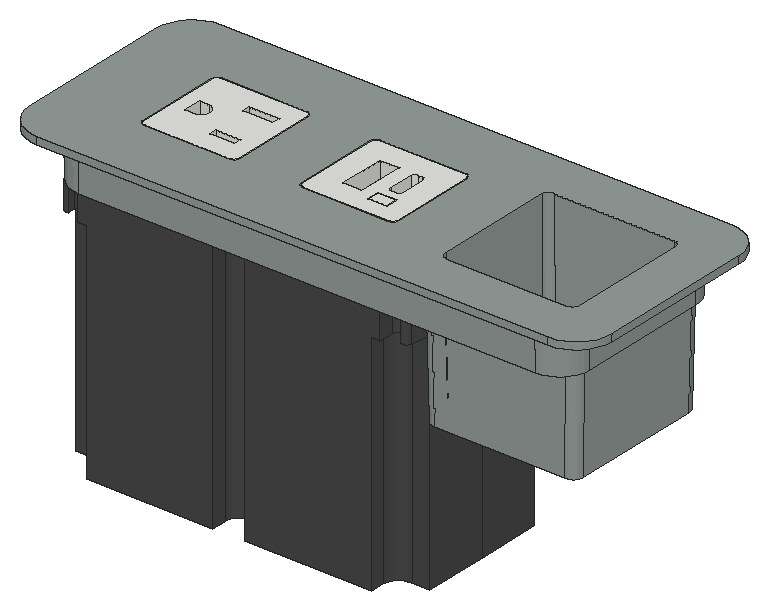
Revit family "Electrical-Teknion-MXPFP_Flush_Power_Module-R2023", category Furniture, Revit 2023 (continued)
Lines and regions (in)
  symbolic lines, style "FurnitureHiddenLines", visible <- "2D - T", detail levels medium+fine
    curve 100: arc (2.89349, 0.74041, 0) -> (2.79331, 0.98226, 0) -> (2.55147, 1.08243, 0) r 0.34202
    curve 101: line (-1.03481, 0.9944, 0) -> (-2.54164, 0.9944, 0)
    curve 102: arc (-2.54164, 0.9944, 0) -> (-2.55736, 0.79927, 0) -> (-2.75309, 0.79569, 0) r 0.1458
    curve 103: arc (-2.75309, 0.79569, 0) -> (-2.7867, 0.80062, 0) -> (-2.80509, 0.77206, 0) r 0.03136
    curve 104: line (-2.80509, 0.77206, 0) -> (-2.80509, -0.77206, 0)
    curve 105: arc (-2.80509, -0.77206, 0) -> (-2.7867, -0.80062, 0) -> (-2.75309, -0.79569, 0) r 0.03136
    curve 106: arc (-2.75309, -0.79569, 0) -> (-2.55736, -0.79927, 0) -> (-2.54164, -0.9944, 0) r 0.1458
    curve 107: line (-2.54164, -0.9944, 0) -> (-1.03481, -0.9944, 0)
    curve 108: arc (-1.03481, -0.9944, 0) -> (-0.88555, -0.73179, 0) -> (-0.73628, -0.9944, 0) r 0.17373
    curve 109: line (-0.73628, -0.9944, 0) -> (0.77001, -0.9944, 0)
    curve 110: arc (0.77001, -0.9944, 0) -> (0.78574, -0.79927, 0) -> (0.98147, -0.79569, 0) r 0.1458
    curve 111: arc (0.98147, -0.79569, 0) -> (1.01508, -0.80062, 0) -> (1.03346, -0.77206, 0) r 0.03136
    curve 112: line (1.03346, -0.77206, 0) -> (1.03346, 0.77206, 0)
    curve 113: arc (1.03346, 0.77206, 0) -> (1.01508, 0.80062, 0) -> (0.98147, 0.79569, 0) r 0.03136
    curve 114: arc (0.98147, 0.79569, 0) -> (0.78574, 0.79927, 0) -> (0.77001, 0.9944, 0) r 0.1458
    curve 115: line (0.77001, 0.9944, 0) -> (-0.73628, 0.9944, 0)
    curve 116: arc (-0.73628, 0.9944, 0) -> (-0.88555, 0.73179, 0) -> (-1.03481, 0.9944, 0) r 0.17373
    curve 117: line (2.71611, 0.8657, 0) -> (1.2209, 0.8657, 0)
    curve 118: arc (1.2209, 0.8657, 0) -> (1.13739, 0.83111, 0) -> (1.10281, 0.74761, 0) r 0.11809
    curve 119: line (1.10281, 0.74761, 0) -> (1.10281, -0.74761, 0)
    curve 120: arc (1.10281, -0.74761, 0) -> (1.13739, -0.83111, 0) -> (1.2209, -0.8657, 0) r 0.11809
    curve 121: line (1.2209, -0.8657, 0) -> (2.71611, -0.8657, 0)
    curve 122: arc (2.71611, -0.8657, 0) -> (2.79961, -0.83111, 0) -> (2.8342, -0.74761, 0) r 0.11809
    curve 123: line (2.8342, -0.74761, 0) -> (2.8342, 0.74761, 0)
    curve 124: arc (2.8342, 0.74761, 0) -> (2.79961, 0.83111, 0) -> (2.71611, 0.8657, 0) r 0.11809
    curve 133: line (2.44072, 0.72054, 0) -> (1.49629, 0.72054, 0)
    curve 134: line (1.54479, 0.64593, 0) -> (2.39221, 0.64593, 0)
    curve 135: line (1.32258, -0.42371, 0) -> (1.32258, 0.42371, 0)
    curve 136: line (1.24796, 0.47221, 0) -> (1.24796, -0.47221, 0)
    curve 137: arc (1.24796, 0.47221, 0) -> (1.50226, 0.46625, 0) -> (1.49629, 0.72054, 0) r 0.17579
    curve 138: arc (2.44072, 0.72054, 0) -> (2.43475, 0.46625, 0) -> (2.68905, 0.47221, 0) r 0.17579
    curve 139: line (2.61443, 0.42371, 0) -> (2.61443, -0.42371, 0)
    curve 140: line (2.68905, -0.47221, 0) -> (2.68905, 0.47221, 0)
    curve 141: line (2.39221, -0.64593, 0) -> (1.54479, -0.64593, 0)
    curve 142: line (1.49629, -0.72054, 0) -> (2.44072, -0.72054, 0)
    curve 143: arc (1.49629, -0.72054, 0) -> (1.50226, -0.46625, 0) -> (1.24796, -0.47221, 0) r 0.17579
    curve 144: arc (2.68905, -0.47221, 0) -> (2.43475, -0.46625, 0) -> (2.44072, -0.72054, 0) r 0.17579
  symbolic lines, style "Furniture", visible <- "2D - T"
    curve 125: line (1.2191, 0.67068, 0) -> (1.2191, -0.67068, 0)
    curve 126: line (1.29783, -0.74941, 0) -> (2.63918, -0.74941, 0)
    curve 127: arc (1.2191, -0.67068, 0) -> (1.24216, -0.72635, 0) -> (1.29783, -0.74941, 0) r 0.07873
    curve 128: line (2.71791, -0.67068, 0) -> (2.71791, 0.67068, 0)
    curve 129: arc (2.63918, -0.74941, 0) -> (2.69485, -0.72635, 0) -> (2.71791, -0.67068, 0) r 0.07873
    curve 130: line (2.63918, 0.74941, 0) -> (1.29783, 0.74941, 0)
    curve 131: arc (2.71791, 0.67068, 0) -> (2.69485, 0.72635, 0) -> (2.63918, 0.74941, 0) r 0.07873
    curve 132: arc (1.29783, 0.74941, 0) -> (1.24216, 0.72635, 0) -> (1.2191, 0.67068, 0) r 0.07873
  symbolic lines, visible <- "2D - T"
    curve 145: line (-2.24545, 0.54271, 0) -> (-1.2978, 0.54271, 0)
    curve 146: arc (-1.2978, 0.54271, 0) -> (-1.24909, 0.52254, 0) -> (-1.22891, 0.47383, 0) r 0.06889
    curve 147: line (-1.22891, 0.47383, 0) -> (-1.22891, -0.47383, 0)
    curve 148: arc (-1.22891, -0.47383, 0) -> (-1.24909, -0.52254, 0) -> (-1.2978, -0.54271, 0) r 0.06889
    curve 149: line (-1.2978, -0.54271, 0) -> (-2.24545, -0.54271, 0)
    curve 150: arc (-2.24545, -0.54271, 0) -> (-2.29416, -0.52254, 0) -> (-2.31434, -0.47383, 0) r 0.06889
    curve 151: line (-2.31434, -0.47383, 0) -> (-2.31434, 0.47383, 0)
    curve 152: arc (-2.31434, 0.47383, 0) -> (-2.29416, 0.52254, 0) -> (-2.24545, 0.54271, 0) r 0.06889
    curve 153: line (-0.47383, 0.54271, 0) -> (0.47383, 0.54271, 0)
    curve 154: arc (0.47383, 0.54271, 0) -> (0.52254, 0.52254, 0) -> (0.54271, 0.47383, 0) r 0.06889
    curve 155: line (0.54271, 0.47383, 0) -> (0.54271, -0.47383, 0)
    curve 156: arc (0.54271, -0.47383, 0) -> (0.52254, -0.52254, 0) -> (0.47383, -0.54271, 0) r 0.06889
    curve 157: line (0.47383, -0.54271, 0) -> (-0.47383, -0.54271, 0)
    curve 158: arc (-0.47383, -0.54271, 0) -> (-0.52254, -0.52254, 0) -> (-0.54271, -0.47383, 0) r 0.06889
    curve 159: line (-0.54271, -0.47383, 0) -> (-0.54271, 0.47383, 0)
    curve 160: arc (-0.54271, 0.47383, 0) -> (-0.52254, 0.52254, 0) -> (-0.47383, 0.54271, 0) r 0.06889
    curve 161: line (2.61444, 0.72467, 0) -> (1.32257, 0.72467, 0)
    curve 162: arc (1.32257, 0.72467, 0) -> (1.2669, 0.70161, 0) -> (1.24384, 0.64594, 0) r 0.07873
    curve 163: line (1.24384, 0.64594, 0) -> (1.24384, -0.64594, 0)
    curve 164: arc (1.24384, -0.64594, 0) -> (1.2669, -0.70161, 0) -> (1.32257, -0.72467, 0) r 0.07873
    curve 165: line (1.32257, -0.72467, 0) -> (2.61444, -0.72467, 0)
    curve 166: arc (2.61444, -0.72467, 0) -> (2.67011, -0.70161, 0) -> (2.69317, -0.64594, 0) r 0.07873
    curve 167: line (2.69317, -0.64594, 0) -> (2.69317, 0.64594, 0)
    curve 168: arc (2.69317, 0.64594, 0) -> (2.67011, 0.70161, 0) -> (2.61444, 0.72467, 0) r 0.07873
  symbolic lines, style "FurnitureHiddenLines", visible <- "Body 3 - 3R", detail levels medium+fine
    curve 169: line (2.57222, -1.06299, 0) -> (2.57499, -0.90407, 0)
    curve 170: arc (2.57499, -0.90407, 0) -> (2.65748, -0.82158, 0) -> (2.73997, -0.90407, 0) r 0.08249
    curve 171: line (2.73997, -0.90407, 0) -> (2.74128, -0.97947, 0)
    curve 172: arc (2.74128, -0.97947, 0) -> (2.79245, -0.97731, 0) -> (2.82271, -0.93599, 0) r 0.05908
    curve 173: line (2.82271, -0.93599, 0) -> (2.8613, -0.72835, 0)
    curve 174: line (2.8613, -0.72835, 0) -> (2.87402, 0, 0)
    curve 175: line (2.87402, 0, 0) -> (2.8613, 0.72835, 0)
    curve 176: line (2.8613, 0.72835, 0) -> (2.82271, 0.93599, 0)
    curve 177: arc (2.82271, 0.93599, 0) -> (2.79245, 0.97731, 0) -> (2.74128, 0.97947, 0) r 0.05908
    curve 178: line (2.74128, 0.97947, 0) -> (2.73997, 0.90407, 0)
    curve 179: arc (2.73997, 0.90407, 0) -> (2.65748, 0.82158, 0) -> (2.57499, 0.90407, 0) r 0.08249
    curve 180: line (2.57499, 0.90407, 0) -> (2.57222, 1.06299, 0)
    curve 181: line (2.57222, 1.06299, 0) -> (1.06577, 1.06299, 0)
    curve 182: line (1.06577, 1.06299, 0) -> (1.06297, 0.90242, 0)
    curve 183: arc (1.06297, 0.90242, 0) -> (0.88892, 0.72531, 0) -> (0.7088, 0.89624, 0) r 0.17714
    curve 184: line (0.7088, 0.89624, 0) -> (0.70589, 1.06299, 0)
    curve 185: line (0.70589, 1.06299, 0) -> (-0.70584, 1.06299, 0)
    curve 186: line (-0.70584, 1.06299, 0) -> (-0.70869, 0.90242, 0)
    curve 187: arc (-0.70869, 0.90242, 0) -> (-0.88583, 0.72528, 0) -> (-1.06297, 0.90242, 0) r 0.17714
    curve 188: line (-1.06297, 0.90242, 0) -> (-1.06572, 1.06299, 0)
    curve 189: line (-1.06572, 1.06299, 0) -> (-2.57222, 1.06299, 0)
    curve 190: line (-2.57222, 1.06299, 0) -> (-2.57499, 0.90407, 0)
    curve 191: arc (-2.57499, 0.90407, 0) -> (-2.65748, 0.82158, 0) -> (-2.73997, 0.90407, 0) r 0.08249
    curve 192: line (-2.73997, 0.90407, 0) -> (-2.74128, 0.97947, 0)
    curve 193: arc (-2.74128, 0.97947, 0) -> (-2.79245, 0.97731, 0) -> (-2.82271, 0.93599, 0) r 0.05908
    curve 194: line (-2.82271, 0.93599, 0) -> (-2.8613, 0.72835, 0)
    curve 195: line (-2.8613, 0.72835, 0) -> (-2.87402, 0, 0)
    curve 196: line (-2.87402, 0, 0) -> (-2.8613, -0.72835, 0)
    curve 197: line (-2.8613, -0.72835, 0) -> (-2.82271, -0.93599, 0)
    curve 198: arc (-2.82271, -0.93599, 0) -> (-2.79245, -0.97731, 0) -> (-2.74128, -0.97947, 0) r 0.05908
    curve 199: line (-2.74128, -0.97947, 0) -> (-2.73997, -0.90407, 0)
    curve 200: arc (-2.73997, -0.90407, 0) -> (-2.65748, -0.82158, 0) -> (-2.57499, -0.90407, 0) r 0.08249
    curve 201: line (-2.57499, -0.90407, 0) -> (-2.57222, -1.06299, 0)
    curve 202: line (-2.57222, -1.06299, 0) -> (-1.06572, -1.06299, 0)
    curve 203: line (-1.06572, -1.06299, 0) -> (-1.06297, -0.90242, 0)
    curve 204: arc (-1.06297, -0.90242, 0) -> (-0.88583, -0.72528, 0) -> (-0.70869, -0.90242, 0) r 0.17714
    curve 205: line (-0.70869, -0.90242, 0) -> (-0.70584, -1.06299, 0)
    curve 206: line (-0.70584, -1.06299, 0) -> (0.70589, -1.06299, 0)
    curve 207: line (0.70589, -1.06299, 0) -> (0.7088, -0.89624, 0)
    curve 208: arc (0.7088, -0.89624, 0) -> (0.88892, -0.72531, 0) -> (1.06297, -0.90242, 0) r 0.17714
    curve 209: line (1.06297, -0.90242, 0) -> (1.06577, -1.06299, 0)
    curve 210: line (1.06577, -1.06299, 0) -> (2.57222, -1.06299, 0)
    curve 211: line (1.06405, 0.96457, 0) -> (2.47926, 0.96457, 0)
    curve 212: line (2.47926, 0.96457, 0) -> (2.48029, 0.90554, 0)
    curve 213: arc (2.48029, 0.90554, 0) -> (2.53219, 0.78025, 0) -> (2.65748, 0.72835, 0) r 0.17719
    curve 214: line (2.65748, 0.72835, 0) -> (2.76288, 0.72835, 0)
    curve 215: line (2.76288, 0.72835, 0) -> (2.77559, 0, 0)
    curve 216: line (2.77559, 0, 0) -> (2.76288, -0.72835, 0)
    curve 217: line (2.76288, -0.72835, 0) -> (2.65748, -0.72835, 0)
    curve 218: arc (2.65748, -0.72835, 0) -> (2.53219, -0.78025, 0) -> (2.48029, -0.90554, 0) r 0.17719
    curve 219: line (2.48029, -0.90554, 0) -> (2.47926, -0.96457, 0)
    curve 220: line (2.47926, -0.96457, 0) -> (1.06405, -0.96457, 0)
    curve 221: line (0.70788, 0.96457, 0) -> (-0.70739, 0.96457, 0)
    curve 222: line (0.70788, -0.96457, 0) -> (-0.70739, -0.96457, 0)
    curve 223: line (-1.06383, 0.96456, 0) -> (-2.47898, 0.96456, 0)
    curve 224: line (-2.47898, 0.96456, 0) -> (-2.48001, 0.90554, 0)
    curve 225: arc (-2.48001, 0.90554, 0) -> (-2.53191, 0.78025, 0) -> (-2.6572, 0.72835, 0) r 0.17719
    curve 226: line (-2.6572, 0.72835, 0) -> (-2.7626, 0.72835, 0)
    curve 227: line (-2.7626, 0.72835, 0) -> (-2.77531, 0, 0)
    curve 228: line (-2.77531, 0, 0) -> (-2.7626, -0.72835, 0)
    curve 229: line (-2.7626, -0.72835, 0) -> (-2.6572, -0.72835, 0)
    curve 230: arc (-2.6572, -0.72835, 0) -> (-2.53191, -0.78025, 0) -> (-2.48001, -0.90554, 0) r 0.17719
    curve 231: line (-2.48001, -0.90554, 0) -> (-2.47898, -0.96456, 0)
    curve 232: line (-2.47898, -0.96456, 0) -> (-1.06383, -0.96456, 0)
  symbolic lines, style "FurnitureHiddenLines", visible <- "Body 2 - C & 2R", detail levels medium+fine
    curve 233: line (-0.17822, -0.96457, 0) -> (-1.59343, -0.96457, 0)
    curve 234: line (-1.59343, -0.96457, 0) -> (-1.59446, -0.90554, 0)
    curve 235: arc (-1.59446, -0.90554, 0) -> (-1.64636, -0.78025, 0) -> (-1.77165, -0.72835, 0) r 0.17719
    curve 236: line (-1.77165, -0.72835, 0) -> (-1.87705, -0.72835, 0)
    curve 237: line (-1.87705, -0.72835, 0) -> (-1.88976, 0, 0)
    curve 238: line (-1.88976, 0, 0) -> (-1.87705, 0.72835, 0)
    curve 239: line (-1.87705, 0.72835, 0) -> (-1.77165, 0.72835, 0)
    curve 240: arc (-1.77165, 0.72835, 0) -> (-1.64636, 0.78025, 0) -> (-1.59446, 0.90554, 0) r 0.17719
    curve 241: line (-1.59446, 0.90554, 0) -> (-1.59343, 0.96457, 0)
    curve 242: line (-1.59343, 0.96457, 0) -> (-0.17822, 0.96457, 0)
    curve 243: line (0.17822, -0.96457, 0) -> (1.59343, -0.96457, 0)
    curve 244: line (1.59343, -0.96457, 0) -> (1.59446, -0.90554, 0)
    curve 245: arc (1.59446, -0.90554, 0) -> (1.64636, -0.78025, 0) -> (1.77165, -0.72835, 0) r 0.17719
    curve 246: line (1.77165, -0.72835, 0) -> (1.87705, -0.72835, 0)
    curve 247: line (1.87705, -0.72835, 0) -> (1.88976, 0, 0)
    curve 248: line (1.88976, 0, 0) -> (1.87705, 0.72835, 0)
    curve 249: line (1.87705, 0.72835, 0) -> (1.77165, 0.72835, 0)
    curve 250: arc (1.77165, 0.72835, 0) -> (1.64636, 0.78025, 0) -> (1.59446, 0.90554, 0) r 0.17719
    curve 251: line (1.59446, 0.90554, 0) -> (1.59343, 0.96457, 0)
    curve 252: line (1.59343, 0.96457, 0) -> (0.17822, 0.96457, 0)
    curve 253: arc (1.68917, 0.90407, 0) -> (1.77165, 0.82158, 0) -> (1.85414, 0.90407, 0) r 0.08249
    curve 254: line (1.85414, 0.90407, 0) -> (1.85546, 0.97947, 0)
    curve 255: arc (1.85546, 0.97947, 0) -> (1.90662, 0.97731, 0) -> (1.93688, 0.93599, 0) r 0.05908
    curve 256: line (1.93688, 0.93599, 0) -> (1.97548, 0.72835, 0)
    curve 257: line (1.97548, 0.72835, 0) -> (1.98819, 0, 0)
    curve 258: line (1.98819, 0, 0) -> (1.97548, -0.72835, 0)
    curve 259: line (1.97548, -0.72835, 0) -> (1.93688, -0.93599, 0)
    curve 260: arc (1.93688, -0.93599, 0) -> (1.90662, -0.97731, 0) -> (1.85546, -0.97947, 0) r 0.05908
    curve 261: line (1.85546, -0.97947, 0) -> (1.85414, -0.90407, 0)
    curve 262: arc (1.85414, -0.90407, 0) -> (1.77165, -0.82158, 0) -> (1.68917, -0.90407, 0) r 0.08249
    curve 263: line (1.68917, -0.90407, 0) -> (1.68639, -1.06299, 0)
    curve 264: line (1.68639, -1.06299, 0) -> (0.17994, -1.06299, 0)
    curve 265: line (0.17994, -1.06299, 0) -> (0.17714, -0.90242, 0)
    curve 266: arc (0.17714, -0.90242, 0) -> (0, -0.72528, 0) -> (-0.17714, -0.90242, 0) r 0.17714
    curve 267: line (-0.17714, -0.90242, 0) -> (-0.17994, -1.06299, 0)
    curve 268: line (-0.17994, -1.06299, 0) -> (-1.68639, -1.06299, 0)
    curve 269: line (-1.68639, -1.06299, 0) -> (-1.68917, -0.90407, 0)
    curve 270: arc (-1.68917, -0.90407, 0) -> (-1.77165, -0.82158, 0) -> (-1.85414, -0.90407, 0) r 0.08249
    curve 271: line (-1.85414, -0.90407, 0) -> (-1.85546, -0.97947, 0)
    curve 272: arc (-1.85546, -0.97947, 0) -> (-1.90662, -0.97731, 0) -> (-1.93688, -0.93599, 0) r 0.05908
    curve 273: line (-1.93688, -0.93599, 0) -> (-1.97548, -0.72835, 0)
    curve 274: line (-1.97548, -0.72835, 0) -> (-1.98819, 0, 0)
    curve 275: line (-1.98819, 0, 0) -> (-1.97548, 0.72835, 0)
    curve 276: line (-1.97548, 0.72835, 0) -> (-1.93688, 0.93599, 0)
    curve 277: arc (-1.93688, 0.93599, 0) -> (-1.90662, 0.97731, 0) -> (-1.85546, 0.97947, 0) r 0.05908
    curve 278: line (-1.85546, 0.97947, 0) -> (-1.85414, 0.90407, 0)
    curve 279: arc (-1.85414, 0.90407, 0) -> (-1.77165, 0.82158, 0) -> (-1.68917, 0.90407, 0) r 0.08249
    curve 280: line (-1.68917, 0.90407, 0) -> (-1.68639, 1.06299, 0)
    curve 281: line (-1.68639, 1.06299, 0) -> (-0.17994, 1.06299, 0)
    curve 282: line (-0.17994, 1.06299, 0) -> (-0.17714, 0.90242, 0)
    curve 283: arc (-0.17714, 0.90242, 0) -> (0, 0.72528, 0) -> (0.17714, 0.90242, 0) r 0.17714
    curve 284: line (0.17714, 0.90242, 0) -> (0.17994, 1.06299, 0)
    curve 285: line (0.17994, 1.06299, 0) -> (1.68639, 1.06299, 0)
    curve 286: line (1.68639, 1.06299, 0) -> (1.68917, 0.90407, 0)
  symbolic lines, style "FurnitureHiddenLines", visible <- "Body 2 - T", detail levels medium+fine
    curve 287: line (-1.06383, -0.96456, 0) -> (-2.47898, -0.96456, 0)
    curve 288: line (-2.47898, -0.96456, 0) -> (-2.48001, -0.90554, 0)
    curve 289: arc (-2.48001, -0.90554, 0) -> (-2.53191, -0.78025, 0) -> (-2.6572, -0.72835, 0) r 0.17719
    curve 290: line (-2.6572, -0.72835, 0) -> (-2.7626, -0.72835, 0)
    curve 291: line (-2.7626, -0.72835, 0) -> (-2.77531, 0, 0)
    curve 292: line (-2.77531, 0, 0) -> (-2.7626, 0.72835, 0)
    curve 293: line (-2.7626, 0.72835, 0) -> (-2.6572, 0.72835, 0)
    curve 294: arc (-2.6572, 0.72835, 0) -> (-2.53191, 0.78025, 0) -> (-2.48001, 0.90554, 0) r 0.17719
    curve 295: line (-2.48001, 0.90554, 0) -> (-2.47898, 0.96456, 0)
    curve 296: line (-2.47898, 0.96456, 0) -> (-1.06383, 0.96456, 0)
    curve 297: line (-0.70739, -0.96457, 0) -> (0.70788, -0.96457, 0)
    curve 298: line (0.70788, -0.96457, 0) -> (0.70891, -0.90554, 0)
    curve 299: arc (0.70891, -0.90554, 0) -> (0.76081, -0.78025, 0) -> (0.8861, -0.72835, 0) r 0.17719
    curve 300: line (0.8861, -0.72835, 0) -> (0.9915, -0.72835, 0)
    curve 301: line (0.9915, -0.72835, 0) -> (1.00421, 0, 0)
    curve 302: line (1.00421, 0, 0) -> (0.9915, 0.72835, 0)
    curve 303: line (0.9915, 0.72835, 0) -> (0.8861, 0.72835, 0)
    curve 304: arc (0.8861, 0.72835, 0) -> (0.76081, 0.78025, 0) -> (0.70891, 0.90554, 0) r 0.17719
    curve 305: line (0.70891, 0.90554, 0) -> (0.70788, 0.96457, 0)
    curve 306: line (0.70788, 0.96457, 0) -> (-0.70739, 0.96457, 0)
    curve 307: line (-0.70584, 1.06299, 0) -> (0.80084, 1.06299, 0)
    curve 308: line (0.80084, 1.06299, 0) -> (0.80362, 0.90407, 0)
    curve 309: arc (0.80362, 0.90407, 0) -> (0.8861, 0.82158, 0) -> (0.96859, 0.90407, 0) r 0.08249
    curve 310: line (0.96859, 0.90407, 0) -> (0.96991, 0.97947, 0)
    curve 311: arc (0.96991, 0.97947, 0) -> (1.02108, 0.97731, 0) -> (1.05133, 0.93599, 0) r 0.05908
    curve 312: line (1.05133, 0.93599, 0) -> (1.08993, 0.72835, 0)
    curve 313: line (1.08993, 0.72835, 0) -> (1.10264, 0, 0)
    curve 314: line (1.10264, 0, 0) -> (1.08993, -0.72835, 0)
    curve 315: line (1.08993, -0.72835, 0) -> (1.05133, -0.93599, 0)
    curve 316: arc (1.05133, -0.93599, 0) -> (1.02108, -0.97731, 0) -> (0.96991, -0.97947, 0) r 0.05908
    curve 317: line (0.96991, -0.97947, 0) -> (0.96859, -0.90407, 0)
    curve 318: arc (0.96859, -0.90407, 0) -> (0.8861, -0.82158, 0) -> (0.80362, -0.90407, 0) r 0.08249
    curve 319: line (0.80362, -0.90407, 0) -> (0.80084, -1.06299, 0)
    curve 320: line (0.80084, -1.06299, 0) -> (-0.70584, -1.06299, 0)
    curve 321: line (-0.70584, -1.06299, 0) -> (-0.70836, -0.90242, 0)
    curve 322: arc (-0.70836, -0.90242, 0) -> (-0.8855, -0.72528, 0) -> (-1.06264, -0.90242, 0) r 0.17714
    curve 323: line (-1.06264, -0.90242, 0) -> (-1.06572, -1.06299, 0)
    curve 324: line (-1.06572, -1.06299, 0) -> (-2.57222, -1.06299, 0)
    curve 325: line (-2.57222, -1.06299, 0) -> (-2.57471, -0.90407, 0)
    curve 326: arc (-2.57471, -0.90407, 0) -> (-2.6572, -0.82158, 0) -> (-2.73969, -0.90407, 0) r 0.08249
    curve 327: line (-2.73969, -0.90407, 0) -> (-2.74101, -0.97947, 0)
    curve 328: arc (-2.74101, -0.97947, 0) -> (-2.79217, -0.97731, 0) -> (-2.82243, -0.93599, 0) r 0.05908
    curve 329: line (-2.82243, -0.93599, 0) -> (-2.86102, -0.72835, 0)
    curve 330: line (-2.86102, -0.72835, 0) -> (-2.87374, 0, 0)
    curve 331: line (-2.87374, 0, 0) -> (-2.86102, 0.72835, 0)
    curve 332: line (-2.86102, 0.72835, 0) -> (-2.82243, 0.93599, 0)
    curve 333: arc (-2.82243, 0.93599, 0) -> (-2.79217, 0.97731, 0) -> (-2.74101, 0.97947, 0) r 0.05908
    curve 334: line (-2.74101, 0.97947, 0) -> (-2.73969, 0.90407, 0)
    curve 335: arc (-2.73969, 0.90407, 0) -> (-2.6572, 0.82158, 0) -> (-2.57471, 0.90407, 0) r 0.08249
    curve 336: line (-2.57471, 0.90407, 0) -> (-2.57222, 1.06299, 0)
    curve 337: line (-2.57222, 1.06299, 0) -> (-1.06572, 1.06299, 0)
    curve 338: line (-1.06572, 1.06299, 0) -> (-1.06264, 0.90242, 0)
    curve 339: arc (-1.06264, 0.90242, 0) -> (-0.8855, 0.72528, 0) -> (-0.70836, 0.90242, 0) r 0.17714
    curve 340: line (-0.70836, 0.90242, 0) -> (-0.70584, 1.06299, 0)
  reference lines
    curve 341: line (-3.248, 1.2795, 0) -> (-3.248, -1.2795, 0)
    curve 342: line (3.248, 1.2795, 0) -> (3.248, -1.2795, 0)
    curve 343: line (-3.248, 1.2795, 0) -> (3.248, 1.2795, 0)
    curve 344: line (-3.248, -1.2795, 0) -> (3.248, -1.2795, 0)
Dimensions and locks (in)
  locked: plane 4 "Left" to plane 5 "Right" at 4.724
  locked: plane 6 "Back" to plane 7 "Front" at 4.724
  locked: plane 8 "Top" to level at 29.07874
  plane 8 "Top" to plane 9 to plane 10 = 0.07874" locked, 3.30709" locked
  equal spacing: plane 6 "Back", plane 1 "Center Front/Back", plane 7 "Front"
  equal spacing: plane 4 "Left", plane 3 "Center Left/Right", plane 5 "Right"
  SweptBlend 10 sketch curve to plane 3 "Center Left/Right" to SweptBlend 10 sketch curve = 2.89342" locked, 2.89349" locked
  SweptBlend 10 sketch curve to plane 1 "Center Front/Back" to SweptBlend 10 sketch curve = 1.08243" locked, 1.08243" locked
  SweptBlend 10 sketch curve to plane 1 "Center Front/Back" to SweptBlend 10 sketch curve = 1.07443" locked, 1.07443" locked
  SweptBlend 10 sketch curve to plane 3 "Center Left/Right" to SweptBlend 10 sketch curve = 2.88542" locked, 2.88549" locked
  locked: SweptBlend 8 sketch curve to plane 3 "Center Left/Right" at 0.88555
  locked: plane 3 "Center Left/Right" to SweptBlend 12 sketch curve at 1.9685
  locked: plane 3 "Center Left/Right" to SweptBlend 14 sketch curve at 1.9685
  locked: plane 3 "Center Left/Right" to SweptBlend 13 sketch curve at 1.9685
  SweptBlend 15 sketch curve to plane 3 "Center Left/Right" = 0.88555"
  locked: plane 3 "Center Left/Right" to Sweep 16 sketch curve at 1.98819
  locked: plane 3 "Center Left/Right" to Sweep 17 sketch curve at 1.97548
  equal spacing: plane 11, plane 3 "Center Left/Right", plane 12
  equal spacing: plane 14, plane 1 "Center Front/Back", plane 13
  "Width": plane 11 to plane 12
  "Depth": plane 13 to plane 14
  aligned and locked: level to plane 2
  aligned and locked: Sweep 1 sketch curve to plane 3 "Center Left/Right"
  aligned and locked: plane 9 to Sweep 1 sketch curve
  aligned and locked: plane 8 "Top" to Sweep 1 sketch curve
  aligned and locked: plane 1 "Center Front/Back" to Sweep 1 sketch curve
  aligned and locked: plane 3 "Center Left/Right" to Sweep 1 sketch curve
  aligned and locked: SweptBlend 2 sketch curve to plane 3 "Center Left/Right"
  aligned and locked: plane 9 to SweptBlend 2 sketch curve
  aligned and locked: plane 9 to SweptBlend 3 sketch curve
  aligned and locked: SweptBlend 3 sketch curve to plane 3 "Center Left/Right"
  aligned and locked: Sweep 6 sketch curve to plane 3 "Center Left/Right"
  aligned and locked: plane 8 "Top" to Sweep 6 sketch curve
  aligned and locked: plane 9 to Sweep 6 sketch curve
  aligned and locked: Sweep 9 sketch curve to plane 3 "Center Left/Right"
  aligned and locked: plane 8 "Top" to Sweep 9 sketch curve
  aligned and locked: plane 9 to Sweep 9 sketch curve
  aligned and locked: Sweep 11 sketch curve to plane 3 "Center Left/Right"
  aligned and locked: plane 9 to Sweep 11 sketch curve
  aligned and locked: plane 8 "Top" to Sweep 11 sketch curve
  aligned and locked: plane 3 "Center Left/Right" to nested 1
  aligned and locked: plane 1 "Center Front/Back" to nested 1
  aligned and locked: plane 3 "Center Left/Right" to nested 2
  aligned and locked: plane 1 "Center Front/Back" to nested 5
  aligned and locked: plane 1 "Center Front/Back" to nested 3
  aligned and locked: plane 1 "Center Front/Back" to nested 4
  aligned and locked: plane 1 "Center Front/Back" to nested 7
  aligned and locked: plane 1 "Center Front/Back" to nested 8
  aligned and locked: plane 1 "Center Front/Back" to nested 9
  aligned and locked: plane 1 "Center Front/Back" to nested 10
  aligned and locked: plane 1 "Center Front/Back" to nested 11
  aligned and locked: plane 1 "Center Front/Back" to nested 12
  aligned and locked: plane 1 "Center Front/Back" to nested 13
  aligned and locked: plane 1 "Center Front/Back" to nested 14
  aligned and locked: Masking region 1 sketch curve to cut or joined group of Sweep 1, SweptBlend 2, SweptBlend 3  (x2)
  aligned and locked: SweptBlend 7 sketch curve to plane 3 "Center Left/Right"
  aligned and locked: Masking region 2 sketch curve to cut or joined group of SweptBlend 10, Sweep 11, SweptBlend 12, SweptBlend 13, SweptBlend 14, SweptBlend 15  (x4)
  aligned and locked: Masking region 3 sketch curve to cut or joined group of SweptBlend 7, SweptBlend 8, Sweep 9  (x4)
  aligned and locked: Masking region 4 sketch curve to cut or joined group of SweptBlend 4, SweptBlend 5, Sweep 6  (x4)
  aligned and locked: SweptBlend 18 sketch curve to nested 2
  aligned and locked: SweptBlend 10 sketch curve to plane 3 "Center Left/Right"
  aligned and locked: SweptBlend 5 sketch curve to plane 3 "Center Left/Right"
  aligned and locked: SweptBlend 4 sketch curve to plane 3 "Center Left/Right"
  aligned and locked: curve 341 to plane 11
  aligned and locked: plane 12 to curve 342
  aligned and locked: curve 343 to plane 13
  aligned and locked: plane 14 to curve 344
  aligned and locked: plane 1 "Center Front/Back" to nested 15
  aligned and locked: plane 3 "Center Left/Right" to nested 15
Automatic sketch dimensions
  plane 1 "Center Front/Back" to Sweep 1 sketch curve = 0.000"
  Sweep 1 sketch curve to plane 1 "Center Front/Back" = 0.000"
  Sweep 1 sketch curve to plane 1 "Center Front/Back" = 0.47383"  (x4)
  Sweep 1 sketch curve to Sweep 1 sketch curve = 0.06889"  (x4)
  plane 1 "Center Front/Back" to Sweep 1 sketch curve = 0.47383"  (x4)
  Sweep 1 sketch curve to Sweep 1 sketch curve = 0.000"  (x2)
  profile plane to Sweep 1 sketch curve = 0.34311"
  Sweep 1 sketch curve to Sweep 1 sketch curve = 0.94765"  (x2)
  Sweep 1 sketch curve to profile plane = 0.34311"
  Sweep 1 sketch curve to Sweep 1 sketch curve = 0.93366"
  SweptBlend 2 sketch curve to SweptBlend 2 sketch curve = 0.47244"
  SweptBlend 2 sketch curve to plane 1 "Center Front/Back" = 1.08243"
  SweptBlend 2 sketch curve to SweptBlend 2 sketch curve = 0.34202"  (x3)
  plane 1 "Center Front/Back" to SweptBlend 2 sketch curve = 0.74041"  (x4)
  profile plane to SweptBlend 2 sketch curve = 2.00763"
  SweptBlend 2 sketch curve to profile plane = 1.66561"  (x2)
  SweptBlend 2 sketch curve to plane 1 "Center Front/Back" = 1.07443"
  SweptBlend 2 sketch curve to SweptBlend 2 sketch curve = 0.33402"  (x3)
  profile plane to SweptBlend 2 sketch curve = 1.99963"
  SweptBlend 3 sketch curve to plane 9 = 0.47244"
  SweptBlend 3 sketch curve to profile plane = 0.000"  (x4)
  profile plane to SweptBlend 3 sketch curve = 0.1345"  (x2)
  SweptBlend 3 sketch curve to plane 1 "Center Front/Back" = 1.00234"  (x2)
  SweptBlend 3 sketch curve to SweptBlend 3 sketch curve = 0.09683"  (x5)
  SweptBlend 3 sketch curve to SweptBlend 3 sketch curve = 0.13345"  (x8)
  plane 1 "Center Front/Back" to SweptBlend 3 sketch curve = 0.77206"  (x4)
  plane 1 "Center Front/Back" to SweptBlend 3 sketch curve = 0.90551"  (x2)
  SweptBlend 3 sketch curve to SweptBlend 3 sketch curve = 1.53912"  (x4)
  SweptBlend 3 sketch curve to SweptBlend 3 sketch curve = 0.09804"  (x4)
  SweptBlend 3 sketch curve to SweptBlend 3 sketch curve = 0.11652"  (x8)
  SweptBlend 3 sketch curve to SweptBlend 3 sketch curve = 0.03936"  (x2)
  profile plane to SweptBlend 3 sketch curve = 0.14927"  (x2)
  SweptBlend 3 sketch curve to plane 1 "Center Front/Back" = 0.9944"  (x2)
  SweptBlend 3 sketch curve to SweptBlend 3 sketch curve = 0.08889"  (x5)
  SweptBlend 3 sketch curve to SweptBlend 3 sketch curve = 1.50682"  (x4)
  SweptBlend 3 sketch curve to SweptBlend 3 sketch curve = 0.11557"  (x4)
  SweptBlend 3 sketch curve to SweptBlend 3 sketch curve = 0.03136"  (x2)
  SweptBlend 4 sketch curve to plane 9 = 0.000"
  SweptBlend 4 sketch curve to SweptBlend 4 sketch curve = 0.47244"
  SweptBlend 4 sketch curve to plane 1 "Center Front/Back" = 1.08243"
  SweptBlend 4 sketch curve to SweptBlend 4 sketch curve = 0.34202"  (x3)
  plane 1 "Center Front/Back" to SweptBlend 4 sketch curve = 0.74041"  (x4)
  profile plane to SweptBlend 4 sketch curve = 2.00763"
  SweptBlend 4 sketch curve to profile plane = 1.66561"  (x2)
  SweptBlend 4 sketch curve to plane 1 "Center Front/Back" = 1.07443"
  SweptBlend 4 sketch curve to SweptBlend 4 sketch curve = 0.33402"  (x3)
  profile plane to SweptBlend 4 sketch curve = 1.99963"
  SweptBlend 5 sketch curve to plane 9 = 0.000"
  SweptBlend 5 sketch curve to plane 9 = 0.47244"
  SweptBlend 5 sketch curve to profile plane = 0.000"  (x4)
  profile plane to SweptBlend 5 sketch curve = 0.1345"  (x2)
  SweptBlend 5 sketch curve to plane 1 "Center Front/Back" = 1.00234"  (x2)
  SweptBlend 5 sketch curve to SweptBlend 5 sketch curve = 0.09683"  (x5)
  SweptBlend 5 sketch curve to SweptBlend 5 sketch curve = 0.13345"  (x8)
  plane 1 "Center Front/Back" to SweptBlend 5 sketch curve = 0.77206"  (x4)
  plane 1 "Center Front/Back" to SweptBlend 5 sketch curve = 0.90551"  (x2)
  SweptBlend 5 sketch curve to SweptBlend 5 sketch curve = 1.53912"  (x4)
  SweptBlend 5 sketch curve to SweptBlend 5 sketch curve = 0.09804"  (x4)
  SweptBlend 5 sketch curve to SweptBlend 5 sketch curve = 0.11652"  (x8)
  SweptBlend 5 sketch curve to SweptBlend 5 sketch curve = 0.03936"  (x2)
  profile plane to SweptBlend 5 sketch curve = 0.14927"  (x2)
  SweptBlend 5 sketch curve to plane 1 "Center Front/Back" = 0.9944"  (x2)
  SweptBlend 5 sketch curve to SweptBlend 5 sketch curve = 0.08889"  (x5)
  SweptBlend 5 sketch curve to SweptBlend 5 sketch curve = 1.50682"  (x4)
  SweptBlend 5 sketch curve to SweptBlend 5 sketch curve = 0.11557"  (x4)
  SweptBlend 5 sketch curve to SweptBlend 5 sketch curve = 0.03136"  (x2)
  Sweep 6 sketch curve to plane 1 "Center Front/Back" = 1.27953"
  Sweep 6 sketch curve to Sweep 6 sketch curve = 0.39364"  (x3)
  plane 1 "Center Front/Back" to Sweep 6 sketch curve = 0.88589"  (x2)
  profile plane to Sweep 6 sketch curve = 2.36083"
  Sweep 6 sketch curve to profile plane = 1.96719"
  profile plane to Sweep 6 sketch curve = 0.412"
  Sweep 6 sketch curve to plane 1 "Center Front/Back" = 0.54271"  (x2)
  Sweep 6 sketch curve to Sweep 6 sketch curve = 0.06889"  (x6)
  plane 1 "Center Front/Back" to Sweep 6 sketch curve = 0.47383"  (x4)
  Sweep 6 sketch curve to Sweep 6 sketch curve = 0.53865"
  Sweep 6 sketch curve to profile plane = 0.34311"
  Sweep 6 sketch curve to Sweep 6 sketch curve = 0.60754"
  SweptBlend 7 sketch curve to plane 9 = 0.000"
  SweptBlend 7 sketch curve to plane 9 = 0.47244"
  SweptBlend 7 sketch curve to profile plane = 1.07443"
  SweptBlend 7 sketch curve to SweptBlend 7 sketch curve = 0.33402"  (x3)
  profile plane to SweptBlend 7 sketch curve = 0.74041"  (x4)
  profile plane to SweptBlend 7 sketch curve = 2.88542"
  SweptBlend 7 sketch curve to profile plane = 2.55147"  (x2)
  SweptBlend 8 sketch curve to plane 9 = 0.000"
  SweptBlend 8 sketch curve to plane 9 = 0.47244"
  Sweep 9 sketch curve to plane 1 "Center Front/Back" = 1.27953"
  Sweep 9 sketch curve to Sweep 9 sketch curve = 0.39364"  (x3)
  Sweep 9 sketch curve to plane 1 "Center Front/Back" = 0.54271"  (x3)
  Sweep 9 sketch curve to Sweep 9 sketch curve = 0.06889"  (x9)
  plane 1 "Center Front/Back" to Sweep 9 sketch curve = 0.47383"  (x6)
  Sweep 9 sketch curve to Sweep 9 sketch curve = 0.41206"
  plane 1 "Center Front/Back" to Sweep 9 sketch curve = 0.88589"
  profile plane to Sweep 9 sketch curve = 3.248"
  Sweep 9 sketch curve to Sweep 9 sketch curve = 0.54002"  (x2)
  Sweep 9 sketch curve to Sweep 9 sketch curve = 0.94765"  (x2)
  profile plane to Sweep 9 sketch curve = 0.54271"
  Sweep 9 sketch curve to profile plane = 0.47383"
  Sweep 9 sketch curve to Sweep 9 sketch curve = 0.6862"
  SweptBlend 7 sketch curve to profile plane = 1.08243"
  SweptBlend 7 sketch curve to SweptBlend 7 sketch curve = 0.34202"  (x3)
  profile plane to SweptBlend 7 sketch curve = 2.89342"
  SweptBlend 8 sketch curve to profile plane = 0.000"  (x4)
  profile plane to SweptBlend 8 sketch curve = 0.1345"  (x2)
  SweptBlend 8 sketch curve to profile plane = 1.00234"  (x2)
  SweptBlend 8 sketch curve to SweptBlend 8 sketch curve = 0.000"  (x2)
  SweptBlend 8 sketch curve to SweptBlend 8 sketch curve = 0.09683"  (x7)
  SweptBlend 8 sketch curve to SweptBlend 8 sketch curve = 0.13345"  (x8)
  profile plane to SweptBlend 8 sketch curve = 0.77206"  (x4)
  profile plane to SweptBlend 8 sketch curve = 0.90551"  (x4)
  SweptBlend 8 sketch curve to SweptBlend 8 sketch curve = 1.53912"  (x3)
  profile plane to SweptBlend 8 sketch curve = 1.67361"
  SweptBlend 8 sketch curve to SweptBlend 8 sketch curve = 0.09804"  (x4)
  SweptBlend 8 sketch curve to SweptBlend 8 sketch curve = 0.11652"  (x8)
  SweptBlend 8 sketch curve to SweptBlend 8 sketch curve = 0.03936"  (x2)
  SweptBlend 8 sketch curve to SweptBlend 8 sketch curve = 1.5021"  (x2)
  SweptBlend 8 sketch curve to SweptBlend 8 sketch curve = 0.1345"  (x2)
  profile plane to SweptBlend 8 sketch curve = 0.14927"  (x2)
  SweptBlend 8 sketch curve to profile plane = 0.9944"  (x2)
  SweptBlend 8 sketch curve to SweptBlend 8 sketch curve = 0.08889"  (x7)
  SweptBlend 8 sketch curve to SweptBlend 8 sketch curve = 1.50682"  (x3)
  profile plane to SweptBlend 8 sketch curve = 1.65609"
  SweptBlend 8 sketch curve to SweptBlend 8 sketch curve = 0.11557"  (x4)
  SweptBlend 8 sketch curve to SweptBlend 8 sketch curve = 0.03136"  (x2)
  SweptBlend 8 sketch curve to SweptBlend 8 sketch curve = 1.47257"  (x2)
  SweptBlend 8 sketch curve to SweptBlend 8 sketch curve = 0.14927"  (x2)
  SweptBlend 10 sketch curve to plane 9 = 0.000"
  SweptBlend 10 sketch curve to plane 9 = 0.47244"
  SweptBlend 10 sketch curve to SweptBlend 10 sketch curve = 0.34202"  (x3)
  profile plane to SweptBlend 10 sketch curve = 0.74041"  (x2)
  SweptBlend 10 sketch curve to SweptBlend 10 sketch curve = 0.33402"  (x3)
  Sweep 11 sketch curve to plane 1 "Center Front/Back" = 1.27953"
  Sweep 11 sketch curve to Sweep 11 sketch curve = 0.39364"  (x3)
  plane 1 "Center Front/Back" to Sweep 11 sketch curve = 0.88589"  (x2)
  profile plane to Sweep 11 sketch curve = 3.248"
  Sweep 11 sketch curve to profile plane = 2.85436"
  SweptBlend 12 sketch curve to plane 9 = 1.5748"
  SweptBlend 12 sketch curve to plane 9 = 0.47244"
  SweptBlend 12 sketch curve to plane 1 "Center Front/Back" = 0.8657"
  SweptBlend 12 sketch curve to SweptBlend 12 sketch curve = 0.11809"  (x7)
  plane 1 "Center Front/Back" to SweptBlend 12 sketch curve = 0.74761"
  profile plane to SweptBlend 12 sketch curve = 0.8657"
  SweptBlend 12 sketch curve to profile plane = 0.74761"
  SweptBlend 12 sketch curve to plane 1 "Center Front/Back" = 0.84646"
  plane 1 "Center Front/Back" to SweptBlend 12 sketch curve = 0.72836"  (x2)
  profile plane to SweptBlend 12 sketch curve = 0.84646"
  SweptBlend 12 sketch curve to profile plane = 0.72836"
  SweptBlend 13 sketch curve to plane 8 "Top" = 0.000"
  SweptBlend 13 sketch curve to plane 9 = 1.33858"
  SweptBlend 13 sketch curve to plane 1 "Center Front/Back" = 0.74941"
  SweptBlend 13 sketch curve to SweptBlend 13 sketch curve = 0.07873"  (x6)
  plane 1 "Center Front/Back" to SweptBlend 13 sketch curve = 0.67068"  (x2)
  profile plane to SweptBlend 13 sketch curve = 0.74941"
  SweptBlend 13 sketch curve to profile plane = 0.67068"
  SweptBlend 13 sketch curve to plane 1 "Center Front/Back" = 0.72467"
  plane 1 "Center Front/Back" to SweptBlend 13 sketch curve = 0.64594"  (x2)
  profile plane to SweptBlend 13 sketch curve = 0.72467"
  SweptBlend 13 sketch curve to profile plane = 0.64594"
  Sweep 11 sketch curve to plane 1 "Center Front/Back" = 0.54271"  (x2)
  Sweep 11 sketch curve to Sweep 11 sketch curve = 0.06889"  (x6)
  plane 1 "Center Front/Back" to Sweep 11 sketch curve = 0.47383"  (x4)
  Sweep 11 sketch curve to Sweep 11 sketch curve = 0.54002"
  Sweep 11 sketch curve to Sweep 11 sketch curve = 0.94765"
  profile plane to Sweep 11 sketch curve = 0.54271"
  Sweep 11 sketch curve to profile plane = 0.47383"
  SweptBlend 14 sketch curve to plane 9 = 1.5748"
  SweptBlend 14 sketch curve to SweptBlend 14 sketch curve = 0.23622"
  SweptBlend 14 sketch curve to plane 1 "Center Front/Back" = 0.64593"
  SweptBlend 14 sketch curve to SweptBlend 14 sketch curve = 0.05538"  (x5)
  SweptBlend 14 sketch curve to SweptBlend 14 sketch curve = 0.16684"  (x6)
  plane 1 "Center Front/Back" to SweptBlend 14 sketch curve = 0.42371"
  profile plane to SweptBlend 14 sketch curve = 0.64593"
  SweptBlend 14 sketch curve to profile plane = 0.42371"  (x2)
  SweptBlend 14 sketch curve to plane 1 "Center Front/Back" = 0.72054"
  SweptBlend 14 sketch curve to SweptBlend 14 sketch curve = 0.12999"  (x5)
  SweptBlend 14 sketch curve to SweptBlend 14 sketch curve = 0.11629"  (x5)
  plane 1 "Center Front/Back" to SweptBlend 14 sketch curve = 0.47426"  (x2)
  profile plane to SweptBlend 14 sketch curve = 0.72054"
  SweptBlend 14 sketch curve to profile plane = 0.47426"  (x2)
  SweptBlend 15 sketch curve to plane 9 = 0.000"
  SweptBlend 15 sketch curve to plane 9 = 0.47244"
  SweptBlend 15 sketch curve to profile plane = 0.000"  (x4)
  profile plane to SweptBlend 15 sketch curve = 0.1345"  (x2)
  SweptBlend 15 sketch curve to SweptBlend 15 sketch curve = 0.09683"  (x4)
  SweptBlend 15 sketch curve to SweptBlend 15 sketch curve = 0.13345"  (x8)
  profile plane to SweptBlend 15 sketch curve = 0.77206"  (x2)
  profile plane to SweptBlend 15 sketch curve = 0.90551"  (x2)
  SweptBlend 15 sketch curve to SweptBlend 15 sketch curve = 1.53912"
  profile plane to SweptBlend 15 sketch curve = 1.67361"
  SweptBlend 15 sketch curve to SweptBlend 15 sketch curve = 0.09804"  (x3)
  SweptBlend 15 sketch curve to SweptBlend 15 sketch curve = 0.11652"  (x8)
  SweptBlend 15 sketch curve to SweptBlend 15 sketch curve = 0.03936"  (x2)
  SweptBlend 15 sketch curve to SweptBlend 15 sketch curve = 1.53859"
  profile plane to SweptBlend 15 sketch curve = 0.14927"  (x2)
  SweptBlend 15 sketch curve to SweptBlend 15 sketch curve = 0.08889"  (x4)
  SweptBlend 15 sketch curve to SweptBlend 15 sketch curve = 1.50682"
  profile plane to SweptBlend 15 sketch curve = 1.65609"
  SweptBlend 15 sketch curve to SweptBlend 15 sketch curve = 0.11557"  (x4)
  SweptBlend 15 sketch curve to SweptBlend 15 sketch curve = 0.03136"  (x2)
  SweptBlend 15 sketch curve to SweptBlend 15 sketch curve = 1.5063"
  SweptBlend 15 sketch curve to profile plane = 0.14927"  (x2)
  SweptBlend 15 sketch curve to profile plane = 0.90551"  (x2)
  SweptBlend 15 sketch curve to SweptBlend 15 sketch curve = 0.14788"
  SweptBlend 15 sketch curve to SweptBlend 15 sketch curve = 0.000"  (x3)
  SweptBlend 15 sketch curve to profile plane = 0.1345"  (x2)
  SweptBlend 15 sketch curve to SweptBlend 15 sketch curve = 0.15588"
  Sweep 16 sketch curve to plane 1 "Center Front/Back" = 0.64593"
  Sweep 16 sketch curve to Sweep 16 sketch curve = 0.05538"  (x5)
  Sweep 16 sketch curve to Sweep 16 sketch curve = 0.16684"  (x5)
  plane 1 "Center Front/Back" to Sweep 16 sketch curve = 0.42371"  (x2)
  profile plane to Sweep 16 sketch curve = 0.66561"
  Sweep 16 sketch curve to profile plane = 0.40403"  (x2)
  Sweep 16 sketch curve to plane 9 = 1.55168"
  Sweep 16 sketch curve to Sweep 16 sketch curve = 0.39026"
  Sweep 17 sketch curve to plane 9 = 1.27595"
  Sweep 17 sketch curve to Sweep 17 sketch curve = 0.250"
  Sweep 17 sketch curve to Sweep 17 sketch curve = 0.000"  (x2)
  plane 1 "Center Front/Back" to Sweep 17 sketch curve = 0.000"
  Sweep 17 sketch curve to plane 1 "Center Front/Back" = 0.00437"
  Sweep 17 sketch curve to plane 1 "Center Front/Back" = 0.11728"
  Sweep 17 sketch curve to plane 1 "Center Front/Back" = 0.11812"
  Sweep 17 sketch curve to Sweep 17 sketch curve = 0.01476"
  Sweep 17 sketch curve to Sweep 17 sketch curve = 0.01392"  (x8)
  Sweep 17 sketch curve to Sweep 17 sketch curve = 0.18849"
  Sweep 17 sketch curve to Sweep 17 sketch curve = 0.20241"  (x3)
  Sweep 17 sketch curve to Sweep 17 sketch curve = 0.05529"  (x4)
  Sweep 17 sketch curve to Sweep 17 sketch curve = 0.06921"  (x2)
  plane 1 "Center Front/Back" to Sweep 17 sketch curve = 0.00159"
  plane 1 "Center Front/Back" to Sweep 17 sketch curve = 0.11812"
  plane 1 "Center Front/Back" to Sweep 17 sketch curve = 0.12291"
  Sweep 17 sketch curve to Sweep 17 sketch curve = 0.01107"
  Sweep 17 sketch curve to Sweep 17 sketch curve = 0.19762"
  profile plane to Sweep 17 sketch curve = 0.39672"  (x2)
  profile plane to Sweep 17 sketch curve = 0.13901"
  Sweep 17 sketch curve to Sweep 17 sketch curve = 0.01611"
  profile plane to Sweep 17 sketch curve = 0.0085"
  Sweep 17 sketch curve to Sweep 17 sketch curve = 0.00153"
  profile plane to Sweep 17 sketch curve = 0.00378"
  Sweep 17 sketch curve to profile plane = 0.12203"
  Sweep 17 sketch curve to Sweep 17 sketch curve = 0.19154"
  Sweep 17 sketch curve to Sweep 17 sketch curve = 0.00955"
  plane 1 "Center Front/Back" to Masking region 1 sketch curve = 0.000"  (x2)
  Masking region 2 sketch curve to Masking region 2 sketch curve = 0.000"  (x8)
  Masking region 2 sketch curve to Masking region 2 sketch curve = 0.01392"  (x9)
  Masking region 2 sketch curve to Masking region 2 sketch curve = 0.20241"  (x3)
  Masking region 2 sketch curve to Masking region 2 sketch curve = 0.19154"
  Masking region 2 sketch curve to Masking region 2 sketch curve = 0.06921"  (x2)
  Masking region 2 sketch curve to Masking region 2 sketch curve = 0.05529"  (x2)
  plane 1 "Center Front/Back" to Masking region 2 sketch curve = 0.000"
  plane 1 "Center Front/Back" to Masking region 2 sketch curve = 0.32053"
  Masking region 2 sketch curve to Masking region 2 sketch curve = 1.22031"
  plane 1 "Center Front/Back" to Masking region 2 sketch curve = 0.11812"
  Masking region 2 sketch curve to plane 1 "Center Front/Back" = 0.13204"  (x2)
  plane 1 "Center Front/Back" to Masking region 2 sketch curve = 0.12919"
  Masking region 2 sketch curve to Masking region 2 sketch curve = 0.01611"
  plane 1 "Center Front/Back" to Masking region 2 sketch curve = 0.00159"
  Masking region 2 sketch curve to Masking region 2 sketch curve = 0.1144"
  Masking region 2 sketch curve to Masking region 2 sketch curve = 0.00153"
  Masking region 2 sketch curve to Masking region 2 sketch curve = 0.00319"
  plane 1 "Center Front/Back" to Masking region 2 sketch curve = 0.13246"
  Masking region 2 sketch curve to Masking region 2 sketch curve = 0.12007"
  plane 1 "Center Front/Back" to Masking region 2 sketch curve = 0.12291"
  Masking region 2 sketch curve to Masking region 2 sketch curve = 0.01046"
  Masking region 2 sketch curve to plane 1 "Center Front/Back" = 0.11728"
  Masking region 2 sketch curve to Masking region 2 sketch curve = 0.21154"
  Masking region 2 sketch curve to Masking region 2 sketch curve = 0.18849"
  plane 10 to SweptBlend 18 sketch curve = 1.9685"
  SweptBlend 18 sketch curve to SweptBlend 18 sketch curve = 0.23622"
  SweptBlend 18 sketch curve to plane 1 "Center Front/Back" = 0.72879"
  SweptBlend 18 sketch curve to SweptBlend 18 sketch curve = 0.07907"  (x3)
  plane 1 "Center Front/Back" to SweptBlend 18 sketch curve = 0.64972"  (x2)
  SweptBlend 18 sketch curve to profile plane = 1.23972"
  SweptBlend 18 sketch curve to SweptBlend 18 sketch curve = 1.29943"
  SweptBlend 18 sketch curve to plane 1 "Center Front/Back" = 0.72467"
  SweptBlend 18 sketch curve to SweptBlend 18 sketch curve = 0.07873"  (x3)
  plane 1 "Center Front/Back" to SweptBlend 18 sketch curve = 0.64594"  (x2)
  SweptBlend 18 sketch curve to profile plane = 1.24384"
  SweptBlend 18 sketch curve to SweptBlend 18 sketch curve = 1.29187"
  curve 45 to curve 19 = 0.23782"
  curve 47 to curve 48 = 0.06889"
  curve 4 to curve 45 = 0.06186"
  curve 6 to curve 41 = 0.06186"
  curve 44 to curve 43 = 0.06889"
  curve 19 to curve 45 = 0.1977"
  curve 47 to curve 18 = 0.26658"
  curve 55 to curve 2 = 0.13071"
  curve 53 to curve 2 = 0.06182"
  curve 56 to curve 8 = 0.06182"
  curve 16 to curve 49 = 0.06182"
  curve 14 to curve 53 = 0.06182"
  curve 50 to curve 51 = 0.06889"
  curve 53 to curve 2 = 0.000"
  curve 55 to curve 8 = 0.000"
  curve 64 to curve 10 = 0.06186"
  curve 22 to curve 61 = 0.23782"
  curve 60 to curve 59 = 0.06889"
  curve 61 to curve 12 = 0.000"
  curve 64 to curve 10 = 0.000"
  curve 68 to curve 46 = 0.23707"
  curve 68 to curve 76 = 0.08834"
  curve 76 to curve 75 = 0.03136"
  curve 76 to curve 77 = 0.03136"
  curve 77 to curve 78 = 0.11652"
  curve 75 to curve 74 = 0.11652"
  curve 66 to curve 73 = 0.00977"
  curve 68 to curve 79 = 0.00977"
  curve 45 to curve 79 = 0.26298"
  curve 42 to curve 73 = 0.26298"
  curve 73 to curve 92 = 0.14927"
  curve 79 to curve 80 = 0.14927"
  curve 92 to curve 91 = 0.14927"
  curve 49 to curve 91 = 0.26246"
  curve 52 to curve 81 = 0.26246"
  curve 91 to curve 90 = 0.14927"
  curve 82 to curve 82 = 0.14927"
  curve 90 to curve 89 = 0.14927"
  curve 83 to curve 70 = 0.00983"
  curve 89 to curve 72 = 0.00983"
  curve 89 to curve 88 = 0.11557"
  curve 83 to curve 84 = 0.11557"
  curve 85 to curve 70 = 0.11976"
  curve 87 to curve 71 = 0.11976"
  curve 85 to curve 86 = 0.03136"
  curve 70 to curve 83 = 0.08803"
  curve 79 to curve 78 = 0.08889"
  curve 83 to curve 84 = 0.08889"
  curve 83 to curve 82 = 0.08889"
  curve 79 to curve 80 = 0.08889"
  curve 76 to curve 68 = 0.03165"
  curve 86 to curve 70 = 0.03165"
  curve 71 to curve 87 = 0.03165"
  curve 67 to curve 75 = 0.03165"
  curve 88 to curve 89 = 0.08889"
  curve 74 to curve 73 = 0.08889"
  curve 92 to curve 73 = 0.08889"
  curve 90 to curve 91 = 0.08889"
  curve 80 to curve 108 = 0.000"  (x3)
  curve 92 to curve 116 = 0.000"  (x3)
  curve 82 to curve 109 = 0.03373"
  curve 90 to curve 115 = 0.03373"
  curve 82 to curve 110 = 0.00003"
  curve 90 to curve 114 = 0.00003"
  curve 110 to curve 111 = 0.11652"
  curve 114 to curve 113 = 0.11652"
  curve 113 to curve 112 = 0.03136"
  curve 82 to curve 110 = 0.000"
  curve 110 to curve 111 = 0.13345"
  curve 112 to curve 90 = 0.13345"
  curve 90 to curve 114 = 0.000"
  curve 111 to curve 119 = 0.06934"
  curve 119 to curve 118 = 0.11809"
  curve 119 to curve 121 = 0.11809"
  curve 88 to curve 117 = 0.05891"
  curve 122 to curve 85 = 0.03698"
  curve 86 to curve 123 = 0.02912"
  curve 84 to curve 121 = 0.03981"
  curve 118 to curve 113 = 0.02446"
  curve 125 to curve 120 = 0.0018"
  curve 120 to curve 126 = 0.07693"
  curve 126 to curve 120 = 0.0018"
  curve 126 to curve 122 = 0.07693"
  curve 125 to curve 118 = 0.07693"
  curve 122 to curve 128 = 0.0018"
  curve 128 to curve 124 = 0.07693"
  curve 131 to curve 131 = 0.07873"
  curve 118 to curve 130 = 0.07693"
  curve 64 to curve 135 = 0.02478"
  curve 10 to curve 137 = 0.0183"
  curve 135 to curve 64 = 0.05012"
  curve 10 to curve 137 = 0.04784"
  curve 62 to curve 136 = 0.01905"
  curve 133 to curve 134 = 0.0485"
  curve 134 to curve 133 = 0.0485"
  curve 62 to curve 136 = 0.00161"
  curve 62 to curve 135 = 0.05012"
  curve 136 to curve 64 = 0.00161"
  curve 134 to curve 133 = 0.07462"
  curve 138 to curve 131 = 0.08013"  (x2)
  curve 138 to curve 138 = 0.12999"
  curve 13 to curve 143 = 0.0183"
  curve 142 to curve 141 = 0.0485"
  curve 60 to curve 141 = 0.14677"
  curve 141 to curve 142 = 0.0485"
  curve 139 to curve 140 = 0.07462"
  curve 142 to curve 141 = 0.07462"
  curve 140 to curve 139 = 0.0485"
  curve 139 to curve 140 = 0.0485"
  curve 144 to curve 129 = 0.08013"
  curve 129 to curve 144 = 0.08013"
  curve 133 to curve 89 = 0.10092"
  curve 143 to curve 13 = 0.04784"
  curve 74 to curve 102 = 0.000"  (x2)
  curve 74 to curve 102 = 0.11557"
  curve 110 to curve 83 = 0.14923"
  curve 58 to curve 59 = 0.06889"
  curve 125 to curve 163 = 0.02474"
  curve 132 to curve 162 = 0.02474"
  curve 126 to curve 165 = 0.02474"  (x2)
  curve 165 to curve 126 = 0.02474"
  curve 161 to curve 130 = 0.02474"
  curve 167 to curve 128 = 0.02474"
  curve 163 to curve 125 = 0.02474"
  plane 1 "Center Front/Back" to curve 196 = 0.000"
  plane 1 "Center Front/Back" to curve 175 = 0.000"
  curve 196 to plane 4 "Left" = 0.51202"
  curve 95 to curve 195 = 0.03212"
  curve 68 to curve 196 = 0.03212"
  curve 197 to curve 105 = 0.06961"
  curve 194 to curve 103 = 0.06961"
  curve 193 to curve 193 = 0.05809"
  curve 198 to curve 198 = 0.05809"
  curve 198 to curve 199 = 0.02334"
  curve 192 to plane 6 "Back" = 1.38253"
  curve 193 to curve 192 = 0.02334"
  curve 198 to curve 199 = 0.02465"
  curve 193 to curve 192 = 0.02465"
  curve 200 to curve 78 = 0.00028"
  curve 191 to curve 102 = 0.00028"
  curve 189 to curve 66 = 0.02082"
  curve 202 to curve 68 = 0.02082"
  curve 189 to curve 101 = 0.03091"
  curve 203 to plane 7 "Front" = 1.29901"
  curve 203 to curve 108 = 0.03091"
  curve 203 to curve 108 = 0.02815"
  curve 188 to plane 6 "Back" = 1.45958"
  curve 188 to curve 116 = 0.02815"
  curve 187 to curve 116 = 0.00028"
  curve 204 to curve 108 = 0.00028"
  curve 81 to curve 206 = 0.03044"
  curve 186 to plane 6 "Back" = 1.29901"
  curve 92 to curve 186 = 0.03044"
  curve 185 to curve 90 = 0.0304"
  curve 207 to plane 7 "Front" = 1.29901"
  curve 207 to curve 82 = 0.0304"
  curve 207 to curve 81 = 0.02749"
  curve 184 to curve 91 = 0.02749"
  curve 110 to curve 208 = 0.00025"
  curve 114 to curve 183 = 0.00025"
  curve 209 to plane 7 "Front" = 1.45958"
  curve 82 to curve 209 = 0.02815"
  curve 182 to plane 6 "Back" = 1.45958"
  curve 89 to curve 182 = 0.02815"
  curve 209 to plane 7 "Front" = 1.29901"
  curve 83 to curve 209 = 0.03095"
  curve 182 to plane 6 "Back" = 1.29901"
  curve 90 to curve 182 = 0.03095"
  curve 100 to curve 180 = 0.02075"
  curve 98 to curve 169 = 0.02075"
  curve 169 to curve 84 = 0.08221"
  curve 180 to curve 88 = 0.08221"
  curve 84 to curve 170 = 0.00028"
  curve 88 to curve 179 = 0.00028"
  curve 179 to curve 178 = 0.00132"
  curve 170 to curve 171 = 0.00132"
  curve 170 to curve 172 = 0.02465"
  curve 179 to curve 177 = 0.02465"
  curve 172 to curve 173 = 0.05809"
  curve 176 to plane 6 "Back" = 1.42601"
  curve 177 to curve 176 = 0.05809"
  curve 123 to curve 173 = 0.0271"
  curve 123 to curve 175 = 0.0271"
  curve 175 to plane 5 "Right" = 0.51202"
  curve 199 to curve 78 = 0.07396"
  curve 171 to curve 84 = 0.07396"
  curve 172 to curve 173 = 0.04348"
  curve 198 to curve 197 = 0.04348"
  curve 84 to curve 170 = 0.00144"
  curve 106 to curve 201 = 0.00144"
  curve 108 to curve 203 = 0.09198"
  curve 123 to curve 174 = 0.01926"
  curve 68 to curve 196 = 0.01206"
  curve 194 to curve 95 = 0.01206"
  curve 176 to curve 123 = 0.01926"
  curve 191 to curve 102 = 0.00144"
  curve 180 to curve 88 = 0.00144"
  curve 191 to curve 193 = 0.02112"
  curve 179 to curve 177 = 0.02112"
  curve 189 to curve 66 = 0.01944"
  plane 1 "Center Front/Back" to curve 216 = 0.000"
  curve 220 to curve 83 = 0.06238"
  curve 211 to curve 89 = 0.06238"
  curve 212 to plane 6 "Back" = 1.45646"
  curve 211 to curve 212 = 0.00103"
  curve 219 to plane 7 "Front" = 1.45646"
  curve 219 to curve 219 = 0.00103"
  curve 88 to curve 213 = 0.00028"
  curve 84 to curve 218 = 0.00028"
  curve 214 to curve 87 = 0.01085"
  curve 216 to curve 85 = 0.01085"
  curve 216 to curve 174 = 0.09843"
  curve 220 to curve 219 = 0.05903"
  curve 212 to curve 211 = 0.05903"
  plane 1 "Center Front/Back" to curve 228 = 0.000"
  curve 195 to curve 228 = 0.0987"
  curve 77 to curve 229 = 0.01112"
  curve 75 to curve 227 = 0.01112"
  curve 225 to curve 102 = 0.000"
  curve 230 to curve 78 = 0.000"
  curve 224 to plane 6 "Back" = 1.45646"
  curve 190 to curve 224 = 0.09498"
  curve 231 to plane 7 "Front" = 1.45646"
  curve 200 to curve 231 = 0.09498"
  curve 231 to plane 7 "Front" = 1.39744"
  curve 231 to curve 231 = 0.00103"
  curve 224 to curve 223 = 0.00103"
  curve 224 to curve 223 = 0.05903"
  curve 223 to curve 116 = 0.02902"
  curve 232 to curve 108 = 0.02902"
  curve 91 to curve 221 = 0.0289"
  curve 80 to curve 222 = 0.0289"
  curve 221 to curve 91 = 0.0284"
  curve 222 to curve 81 = 0.0284"
  curve 80 to curve 222 = 0.02983"
  curve 221 to curve 91 = 0.02983"
  curve 78 to curve 106 = 0.000"  (x2)
  plane 1 "Center Front/Back" to curve 238 = 0.000"
  curve 67 to curve 195 = 0.01941"
  curve 46 to curve 238 = 0.35568"
  curve 237 to plane 7 "Front" = 1.63365"
  curve 28 to curve 237 = 0.01112"
  curve 238 to plane 6 "Back" = 1.63365"
  curve 26 to curve 238 = 0.01112"
  curve 235 to curve 29 = 0.000"
  curve 240 to curve 25 = 0.000"
  curve 241 to plane 6 "Back" = 1.45646"
  curve 234 to plane 7 "Front" = 1.45646"
  curve 234 to curve 233 = 0.00103"
  curve 241 to curve 242 = 0.00103"
  curve 234 to curve 234 = 0.05903"
  curve 241 to curve 242 = 0.05903"
  curve 233 to curve 31 = 0.02896"
  curve 242 to curve 39 = 0.02896"
  plane 1 "Center Front/Back" to curve 248 = 0.000"
  curve 244 to plane 7 "Front" = 1.39743"
  curve 244 to curve 33 = 0.06266"
  curve 251 to plane 6 "Back" = 1.39743"
  curve 251 to curve 38 = 0.06266"
  curve 251 to plane 6 "Back" = 1.45646"
  curve 251 to curve 251 = 0.00103"
  curve 244 to plane 7 "Front" = 1.45646"
  curve 243 to curve 244 = 0.00103"
  curve 22 to curve 246 = 0.10605"
  curve 250 to curve 37 = 0.000"
  curve 246 to curve 34 = 0.01112"
  curve 248 to curve 36 = 0.01112"
  curve 248 to curve 60 = 0.35568"
  curve 32 to curve 243 = 0.02896"
  curve 38 to curve 252 = 0.02896"
  plane 1 "Center Front/Back" to curve 274 = 0.000"
  curve 283 to plane 3 "Center Left/Right" = 0.000"
  curve 266 to plane 3 "Center Left/Right" = 0.000"
  plane 1 "Center Front/Back" to curve 257 = 0.000"
  curve 274 to curve 237 = 0.09843"
  curve 276 to plane 6 "Back" = 1.63365"
  curve 19 to curve 276 = 0.03215"
  curve 274 to plane 7 "Front" = 1.63365"
  curve 20 to curve 274 = 0.03215"
  curve 276 to plane 6 "Back" = 1.42601"
